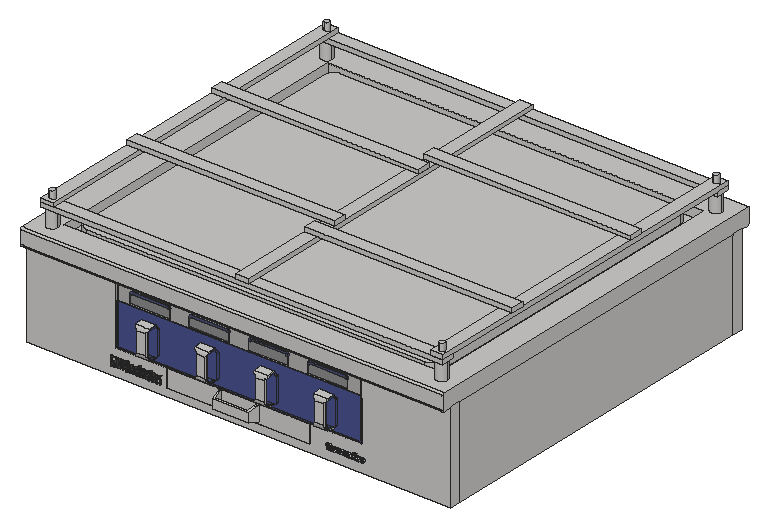
Revit family "QF_ELECTROLUXPROFESSIONAL_589872_MCLDAAJODM", category Specialty Equipment, Revit 2014 (continued)
Definition of nested family "QF_ELECTROLUXPROFESSIONAL_MARINE1000x900_1"
  Forms (mm)
    Extrusion 5, solid, material "QF_Finishes_Stainless Steel"
      sketch origin (0, -1, 940) x (0, 1, 0) y (-1, 0, 0)
        loop
          circle (-44, -860) r 6.5
      from 0 to 35
  Lines and regions (mm)
    symbolic lines
      curve 1: line (-100, 0, 200) -> (900, 0, 200)
      curve 2: line (-100, -900, 200) -> (-100, 0, 200)
      curve 3: line (900, -900, 200) -> (-100, -900, 200)
      curve 4: line (900, 0, 200) -> (900, -900, 200)
      curve 5: line (-75, -30, 900) -> (-45, -30, 900)
      curve 6: line (-75, -870, 900) -> (-75, -30, 900)
      curve 7: line (-45, -870, 900) -> (-75, -870, 900)
      curve 8: line (-45, -30, 900) -> (-45, -336, 900)
      curve 9: line (875, -30, 900) -> (845, -30, 900)
      curve 10: line (875, -870, 900) -> (875, -30, 900)
      curve 11: line (845, -870, 900) -> (875, -870, 900)
      curve 12: line (845, -30, 900) -> (845, -286, 900)
      curve 13: line (-75, -336, 900) -> (415, -336, 900)
      curve 14: line (-75, -366, 900) -> (415, -366, 900)
      curve 15: line (-75, -586, 900) -> (415, -586, 900)
      curve 16: line (-75, -616, 900) -> (415, -616, 900)
      curve 17: line (385, -286, 900) -> (875, -286, 900)
      curve 18: line (385, -316, 900) -> (875, -316, 900)
      curve 19: line (385, -636, 900) -> (875, -636, 900)
      curve 20: line (385, -666, 900) -> (875, -666, 900)
      curve 21: line (415, -870, 900) -> (415, -666, 900)
      curve 22: line (385, -870, 900) -> (385, -616, 900)
      curve 23: line (415, -636, 900) -> (415, -316, 900)
      curve 24: line (385, -586, 900) -> (385, -366, 900)
      curve 25: line (385, -336, 900) -> (385, -30, 900)
      curve 26: line (415, -286, 900) -> (415, -30, 900)
      curve 27: line (-45, -30, 900) -> (845, -30, 900)
      curve 28: line (-45, -870, 900) -> (845, -870, 900)
      curve 29: line (-45, -840, 900) -> (385, -840, 900)
      curve 30: line (415, -840, 900) -> (845, -840, 900)
      curve 31: line (-45, -60, 900) -> (385, -60, 900)
      curve 32: line (415, -60, 900) -> (845, -60, 900)
      curve 33: line (-45, -366, 900) -> (-45, -586, 900)
      curve 34: line (-45, -616, 900) -> (-45, -870, 900)
      curve 35: line (845, -666, 900) -> (845, -870, 900)
      curve 36: line (845, -316, 900) -> (845, -636, 900)
  Dimensions and locks
    plane 3 "LEFT" to plane 4 "RIGHT" = 1000 mm
    plane 5 "FRONT" to plane 1 "BACK" = 900 mm
    plane 3 "LEFT" to plane 7 "Center (Left/Right)" to plane 4 "RIGHT" = 500 mm, 500 mm
    equal spacing: plane 5 "FRONT", plane 8, plane 1 "BACK"
    plane 6 "TOP" to level = 900 mm  (x2)
    plane 9 to level = 200 mm
    plane 1 "BACK" to plane 10 to plane 11 "Panel" = 150 mm, 705 mm  (x2)
    plane 6 "TOP" to plane 9 to level = 700 mm, 200 mm
    plane 1 "BACK" to plane 5 "FRONT" = 900 mm
    plane 12 to plane 9 = 598 mm
    plane 13 to plane 6 "TOP" = 75 mm
    plane 6 "TOP" to plane 12 = 102 mm
    plane 14 to plane 3 "LEFT" = 78 mm
    plane 15 to plane 4 "RIGHT" = 78 mm
    locked: plane 1 "BACK" to plane 16 at 150
    locked: plane 16 to plane 17 at 500
    plane 11 "Panel" to plane 5 "FRONT" = 45 mm
    plane 18 "EIx" to plane 4 "RIGHT" = 45 mm
    plane 19 "EIy" to plane 1 "BACK" = 685 mm
    locked: plane 11 "Panel" to plane 20 at 25
    aligned and locked: level to plane 2
  Automatic sketch dimensions
    plane 1 "BACK" to curve 1 = 0 mm
    curve 1 to plane 4 "RIGHT" = 0 mm
    curve 3 to plane 3 "LEFT" = 0 mm
    plane 5 "FRONT" to curve 3 = 0 mm
    Extrusion 1 sketch curve to plane 11 "Panel" = 0 mm  (x2)
    Extrusion 1 sketch curve to plane 20 = 10 mm
    plane 11 "Panel" to Extrusion 1 sketch curve = 15 mm
    Extrusion 1 sketch curve to plane 18 "EIx" = 20 mm  (x2)
    plane 1 "BACK" to Extrusion 1 sketch curve = 60 mm
    Extrusion 1 sketch curve to Extrusion 1 sketch curve = 15 mm  (x5)
    Extrusion 1 sketch curve to plane 18 "EIx" = 5 mm  (x2)
    plane 14 to Extrusion 1 sketch curve = 38 mm  (x2)
    Extrusion 2 sketch curve to plane 11 "Panel" = 0 mm  (x2)
    Extrusion 2 sketch curve to plane 20 = 10 mm  (x3)
    Extrusion 2 sketch curve to plane 18 "EIx" = 5 mm  (x2)
    plane 1 "BACK" to Extrusion 2 sketch curve = 45 mm  (x2)
    plane 1 "BACK" to Extrusion 2 sketch curve = 30 mm
    Extrusion 2 sketch curve to Extrusion 2 sketch curve = 15 mm  (x5)
    Extrusion 2 sketch curve to plane 18 "EIx" = 20 mm
    plane 18 "EIx" to Extrusion 2 sketch curve = 10 mm
    plane 7 "Center (Left/Right)" to Extrusion 2 sketch curve = 15 mm
    Extrusion 2 sketch curve to plane 7 "Center (Left/Right)" = 15 mm
    plane 14 to Extrusion 2 sketch curve = 23 mm
    plane 17 to Extrusion 3 sketch curve = 16 mm
    Extrusion 3 sketch curve to plane 17 = 14 mm
    Extrusion 3 sketch curve to plane 17 = 34 mm
    Extrusion 3 sketch curve to Extrusion 3 sketch curve = 30 mm  (x3)
    plane 3 "LEFT" to Extrusion 3 sketch curve = 25 mm  (x2)
    plane 8 to Extrusion 3 sketch curve = 84 mm
    Extrusion 3 sketch curve to plane 7 "Center (Left/Right)" = 15 mm  (x2)
    Extrusion 3 sketch curve to Extrusion 3 sketch curve = 20 mm
    plane 7 "Center (Left/Right)" to Extrusion 3 sketch curve = 15 mm  (x2)
    Extrusion 3 sketch curve to plane 18 "EIx" = 20 mm  (x2)
    Extrusion 4 sketch curve to plane 11 "Panel" = 0 mm  (x2)
    Extrusion 4 sketch curve to plane 18 "EIx" = 5 mm  (x2)
    plane 14 to Extrusion 4 sketch curve = 38 mm  (x2)
    plane 1 "BACK" to Extrusion 4 sketch curve = 45 mm  (x2)
    Extrusion 5 sketch curve to plane 11 "Panel" = 0 mm  (x2)
    Extrusion 5 sketch curve to plane 18 "EIx" = 5 mm  (x2)
    plane 1 "BACK" to Extrusion 5 sketch curve = 45 mm  (x2)
    plane 14 to Extrusion 5 sketch curve = 38 mm  (x2)
    curve 11 to plane 18 "EIx" = 20 mm
    plane 18 "EIx" to curve 9 = 10 mm
    plane 18 "EIx" to curve 35 = 10 mm
    curve 28 to plane 20 = 10 mm
    plane 14 to curve 28 = 23 mm
    plane 14 to curve 27 = 23 mm
    plane 3 "LEFT" to curve 7 = 25 mm
    plane 1 "BACK" to curve 27 = 30 mm
    plane 18 "EIx" to curve 36 = 10 mm
    plane 7 "Center (Left/Right)" to curve 23 = 15 mm
    plane 7 "Center (Left/Right)" to curve 26 = 15 mm
    curve 18 to plane 7 "Center (Left/Right)" = 15 mm
    curve 19 to plane 7 "Center (Left/Right)" = 15 mm
    curve 24 to plane 7 "Center (Left/Right)" = 15 mm
    plane 14 to curve 33 = 23 mm
    plane 8 to curve 8 = 114 mm
    curve 13 to curve 14 = 30 mm
    curve 33 to plane 17 = 64 mm
    curve 19 to plane 17 = 14 mm
    plane 11 "Panel" to curve 30 = 15 mm
    plane 11 "Panel" to curve 29 = 15 mm
    curve 12 to plane 10 = 136 mm
    curve 31 to curve 32 = 0 mm
    curve 22 to curve 19 = 20 mm
    plane 7 "Center (Left/Right)" to curve 21 = 15 mm
    plane 17 to curve 21 = 16 mm
    curve 23 to curve 13 = 20 mm
    curve 9 to curve 32 = 30 mm
    radius of Extrusion 1 sketch curve = 6.5 mm  (x4)
    radius of Extrusion 2 sketch curve = 6.5 mm  (x4)
    radius of Extrusion 4 sketch curve = 13 mm  (x4)
    radius of Extrusion 5 sketch curve = 6.5 mm  (x4)
